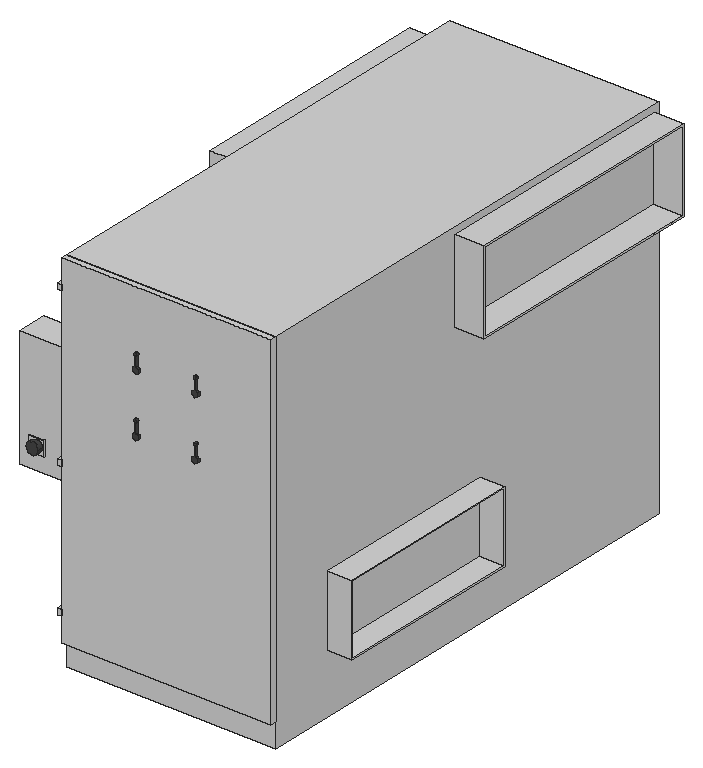
Revit family "Ventilator-RenewAire-Energy-Recovery-HE4XINV", category Mechanical Equipment, Revit 2015
Parameters (values of type "2.0 HP 120V Single Phase")
  Voltage = "120"
  Ventilation Type = "Static Plate, Heat and Humidity Transfer"
  Unit Width = "82\""
  Unit Weight = "776-1,196 lbs."
  Unit Length = "50-3/4\""
  Unit Height = "62\""
  Unit = Metal - RenewAire - Anodized - Gray Text
  URL = "www.renewaire.com"
  Typical Airflow Range = "1,000-4,400 CFM"
  Standard Features = "TEFC Premium efficiency motors, Motor starters, Non-Fused Disconnect, 24VAC Transformer/Relay Package"
  Shipping Weight = "1,332 lbs."
  Service Area Visibility = no
  Service Area Box = Interference - RenewAire - Smooth - Light - Gold
  Revit Object Download Link = ""
  Phase = "Single"
  Options = "Integrated programmable controls, Fused disconnect, Double wall construction, Factory supplied and mounted variable frequency drives (VFDs) – one or both airstreams, Class 1 low leakage motorized isolation dampers – OA, RA or both airstreams, Qty. 2 Factory mounted filter alarms, Exterior Paint - white, custom colors, Bypass economizer (see bypass DIM drawing) – dry bulb temperature controls (standard), enthalpy controls (option)"
  Optional Motorized Damper - FA = yes
  Optional Motorized Damper - EA = yes
  Number Motors = "Qty. 2, Belt drive blower/standard motor packages with adjustable sheaves"
  Model = "HE 4XINV"
  Minimum Circuit Amps = "45.0 A"
  Maximum Overcurrent Protection = "60 A"
  Max. Shipping Width = "90\""
  Max. Shipping Length = "60\""
  Max. Shipping Height = "70\""
  Manufacturer = "RenewAire LLC"
  Frequency = "60 HZ"
  FLA per Motor = "20.0"
  Description = "Energy Recovery Ventilator"
  Connector Base Material = Glass - With - Transparency
  Accessories = "Filters - MERV 13, 2\" (shipped loose), Digital time clock - wall mount(TC7D-W), in exterior enclosure (TC7D-E), Motion occupancy control - ceiling mount(MC-C), wall mount(MC-W), Carbon dioxide control - wall mount (CO2-W), duct mount(CO2-D), Electric duct heater – EK series (1-60 kW), EH series (61-175kW), Indirect gas-fired duct furnace - GH Series (50-400 MBH), installed downstream of any fans"
  AHRI 1060 Certified Core = "Four L125-G5"
Types (13): name | Voltage | Phase | Minimum Circuit Amps | Maximum Overcurrent Protection | Max. Shipping Height | FLA per Motor
  (no name) | "120" | "Single" | "45.0 A" | "60 A" | "70\"" | "20.0"
  2.0 HP 120V Single Phase | "120" | "Single" | "45.0 A" | "60 A" | "70\"" | "20.0"
  2.0 HP 208-230V Single Phase | "208-230V" | "Single" | "24.3 A" | "35 A" | "70\"" | "10.8-10.0"
  2.0 HP 208-230V Three Phase | "208-230V" | "Three" | "14.9 A" | "20 A" | "70\"" | "6.6-5.8"
  2.0 HP 460V Three Phase | "460V" | "Three" | "6.5 A" | "15 A" | "70\"" | "2.9"
  2.0 HP 575V Three Phase | "575V" | "Three" | "5.4 A" | "15 A" | "50\"" | "2.4"
  3.0 HP 208-230V Single Phase | "208-230V" | "Single" | "33.1 A" | "40 A" | "70\"" | "14.7-14.0"
  3.0 HP 208-230V Three Phase | "208-230V" | "Three" | "21.1 A" | "25 A" | "70\"" | "9.4-8.5"
  3.0 HP 460V Three Phase | "460V" | "Three" | "9.5 A" | "15 A" | "70\"" | "4.2"
  3.0 HP 575V Three Phase | "575V" | "Three" | "7.4 A" | "15 A" | "70\"" | "3.3"
  5.0 HP 208-230V Three Phase | "208-230V" | "Three" | "32.6 A" | "45 A" | "70\"" | "14.5-13.4"
  5.0 HP 460V Three Phase | "460V" | "Three" | "15.1 A" | "20 A" | "70\"" | "6.7"
  5.0 HP 575V Three Phase | "575V" | "Three" | "11.9 A" | "15 A" | "70\"" | "5.3"
Reference planes (in)
  plane 1 "Center (Front/Back)": y = 0
  plane 2: z = 0
  plane 3 "Center (Left/Right)": x = 0
Forms (in)
  Extrusion 1, solid, material "Metal - RenewAire - Anodized - Gray Text" <- "Unit"
    sketch origin (0, 0, 0) x (1, 0, 0) y (0, 0, 1)
      loop
        line (-17.5625, 0) -> (17.5625, 0) -> (17.5625, 62) -> (-17.5625, 62) -> (-17.5625, 0)
    from 40.5625 to -39.9375
  Extrusion 2, solid, material "Metal - RenewAire - Anodized - Gray Text"
    sketch origin (0, 0, 0) x (1, 0, 0) y (0, 0, 1)
      loop
        line (-17.5625, 62) -> (-17.5625, 4) -> (17.5625, 4) -> (17.5625, 62) -> (-17.5625, 62)
    from 41.5625 to 40.5625
  Extrusion 3, solid, material "Metal - RenewAire - Anodized - Gray Text"
    sketch origin (11.125, 0, 8.125) x (1, 0, 0) y (0, 0, 1)
      loop
        line (-28.6875, 37.5) -> (-39, 37.5) -> (-39, 17.5) -> (-28.6875, 17.5) -> (-28.6875, 37.5)
    from 37.5625 to 32.5625
  Extrusion 4, solid, material "Metal - RenewAire - Anodized - Gray Text"
    sketch origin (11.125, 0, 8.125) x (1, 0, 0) y (0, 0, 1)
      loop
        line (-37.375, 22.5) -> (-37.375, 20) -> (-34.875, 20) -> (-34.875, 22.5) -> (-37.375, 22.5)
    from 37.6875 to 37.5625
  Extrusion 5, solid, material "MonitorPorts"
    sketch origin (11.125, 0, 8.125) x (1, 0, 0) y (0, 0, 1)
      loop
        circle (-36.125, 21.25) r 1
    from 38.5625 to 37.5625
  Extrusion 6, solid, material "Metal - RenewAire - Anodized - Gray Text" <- "Unit"
    sketch origin (0, 0, 0) x (0, 1, 0) y (0, 0, 1)
      loop
        line (2.1875, 22.125) -> (-29.9375, 22.125) -> (-29.9375, 10.125) -> (2.1875, 10.125) -> (2.1875, 22.125)
      loop
        line (2.0625, 22) -> (-29.8125, 22) -> (-29.8125, 10.25) -> (2.0625, 10.25) -> (2.0625, 22)
    from 21.8125 to 17.5625
  Extrusion 7, solid, material "Metal - RenewAire - Anodized - Gray Text"
    sketch origin (0, 0, 0) x (0, 1, 0) y (0, 0, 1)
      loop
        line (38.9375, 61) -> (-3.0625, 61) -> (-3.0625, 47) -> (38.9375, 47) -> (38.9375, 61)
      loop
        line (38.6875, 60.75) -> (-2.8125, 60.75) -> (-2.8125, 47.25) -> (38.6875, 47.25) -> (38.6875, 60.75)
    from 22.5625 to 17.5625
  Extrusion 8, solid, material "Metal - RenewAire - Anodized - Gray Text"
    sketch origin (0, 0, 0) x (0, 1, 0) y (0, 0, 1)
      loop
        line (-29.875, 10.125) -> (2.125, 10.125) -> (2.125, 22.125) -> (-29.875, 22.125) -> (-29.875, 10.125)
      loop
        line (2, 22) -> (-29.75, 22) -> (-29.75, 10.25) -> (2, 10.25) -> (2, 22)
    from -17.5625 to -21.8125
  Extrusion 9, solid, material "Metal - RenewAire - Anodized - Gray Text"
    sketch origin (0, 0, 0) x (0, 1, 0) y (0, 0, 1)
      loop
        line (37.8125, 60) -> (-4.1875, 60) -> (-4.1875, 46) -> (37.8125, 46) -> (37.8125, 60)
      loop
        line (37.6875, 59.875) -> (-4.0625, 59.875) -> (-4.0625, 46.125) -> (37.6875, 46.125) -> (37.6875, 59.875)
    from -17.5625 to -22.5625
  Extrusion 10, solid, material "Interference - RenewAire - Smooth - Light - Gold" <- "Service Area Box", visible <- "Service Area Visibility"
    sketch origin (0, 0, 0) x (1, 0, 0) y (0, 0, 1)
      loop
        line (17.5625, 62) -> (-27.875, 62) -> (-27.875, 0) -> (17.5625, 0) -> (17.5625, 62)
    from 75.6875 to 41.5625
  Extrusion 11, solid, material "Metal - RenewAire - Anodized - Gray Text"
    sketch origin (0, 0, 0) x (1, 0, 0) y (0, 1, 0)
      loop
        line (-17.5625, -41.5625) -> (-17.5625, -38.5625) -> (-18.3125, -38.5625) -> (-18.3125, -41.5625) -> (-17.5625, -41.5625)
    from 8 to 9
  Extrusion 12, solid, material "Metal - RenewAire - Anodized - Gray Text"
    sketch origin (0, 0, 0) x (1, 0, 0) y (0, 1, 0)
      loop
        line (-17.5625, -41.5625) -> (-17.5625, -38.5625) -> (-18.3125, -38.5625) -> (-18.3125, -41.5625) -> (-17.5625, -41.5625)
    from 57 to 58
  Extrusion 13, solid, material "Metal - RenewAire - Anodized - Gray Text"
    sketch origin (0, 0, 0) x (1, 0, 0) y (0, 1, 0)
      loop
        line (-17.5625, -41.5625) -> (-17.5625, -38.5625) -> (-18.3125, -38.5625) -> (-18.3125, -41.5625) -> (-17.5625, -41.5625)
    from 30.5 to 31.5
  Extrusion 14, void
    sketch origin (0, 0, 0) x (1, 0, 0) y (0, 1, 0)
      loop
        line (-17.0625, 39.4375) -> (-17.0625, -40.0625) -> (17.0625, -40.0625) -> (17.0625, 39.4375) -> (-17.0625, 39.4375)
    from 4.625 to -1.47792
Cuts and joins
  Extrusion 14 cuts Extrusion 1
Dimensions and locks (in)
  aligned and locked: level to plane 2
Nested families (in)
  nested 1: "Monitoring Port" at (5, -41.5625, 42.222) x (-1, 0, 0) z (0, 0, -1), type "Monitoring Port"
  nested 2: "Monitoring Port" at (-5, -41.5625, 42.222) x (-1, 0, 0) z (0, 0, -1), type "Monitoring Port"
  nested 3: "Monitoring Port" at (5, -41.5625, 52.222) x (-1, 0, 0) z (0, 0, -1), type "Monitoring Port"
  nested 4: "Monitoring Port" at (-5, -41.5625, 52.222) x (-1, 0, 0) z (0, 0, -1), type "Monitoring Port"
Connectors (in)
  hvac at (17.5625, 17.9375, 54)
    settings: on Extrusion 7, index 1, duct flow 0 CFM, flow factor 0, pres drop 0.00 in-wg, loss coef 0, conn angle 0.00°, conn width 42", conn height 14", conn diameter 24", duct sys type 4, conn prof type 1, flow config 0, flow direction 1, loss method 0, conn ref index -1, conn util no, is conn primary yes, conn desc "OA (Outside Air)"
  hvac at (17.5625, -13.875, 16.125)
    settings: on Extrusion 6, index 2, duct flow 0 CFM, flow factor 0, pres drop 0.00 in-wg, loss coef 0, conn angle 0.00°, conn width 32", conn height 12", conn diameter 24", duct sys type 3, conn prof type 1, flow config 0, flow direction 2, loss method 0, conn ref index -1, conn util no, is conn primary no, conn desc "EA (Exhaust Air)"
  hvac at (-17.5625, 16.8125, 53)
    settings: on Extrusion 9, index 4, duct flow 0 CFM, flow factor 0, pres drop 0.00 in-wg, loss coef 0, conn angle 0.00°, conn width 42", conn height 14", conn diameter 24", duct sys type 2, conn prof type 1, flow config 0, flow direction 1, loss method 0, conn ref index -1, conn util no, is conn primary no, conn desc "RA (Return Air)"
  hvac at (-17.5625, -13.875, 16.125)
    settings: on Extrusion 8, index 5, duct flow 0 CFM, flow factor 0, pres drop 0.00 in-wg, loss coef 0, conn angle 0.00°, conn width 32", conn height 12", conn diameter 24", duct sys type 1, conn prof type 1, flow config 0, flow direction 2, loss method 0, conn ref index -1, conn util no, is conn primary no, conn desc "FA (Fresh Air)"
Definition of nested family "Monitoring Port"
  Parameters
    URL = "www.renewaire.com"
    Revit Object Download Link = ""
    Model = ""
    Manufacturer = "RenewAire LLC"
    Description = "Monitoring Ports"
  Reference planes (in)
    plane 1 "Center (Front/Back)": y = 0
    plane 2: z = 0
    plane 3 "Center (Left/Right)": x = 0
  Forms (in)
    Extrusion 1, solid
      sketch origin (-9.43348, 0, 37.76669) x (-1, 0, 0) y (0, 0, -1)
        loop
          line (-9.53348, 35.65895) -> (-9.94097, 35.42369) -> (-9.94097, 34.83769) -> (-9.43348, 34.54469) -> (-8.92599, 34.83769) -> (-8.92599, 35.42369) -> (-9.33348, 35.65895) -> (-9.33348, 37.28756)
          arc (-9.33348, 37.28756) -> (-9.43348, 37.76669) -> (-9.53348, 37.28756) r 0.25
          line (-9.53348, 37.28756) -> (-9.53348, 35.65895)
      from 0 to 0.25
  Dimensions and locks (in)
    aligned and locked: level to plane 2
